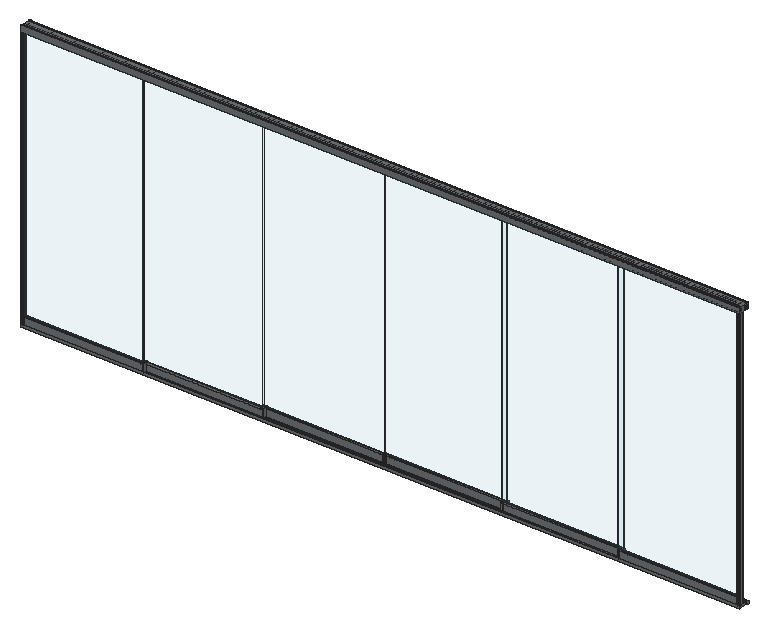
Revit family "Verano_V764_Olivera Centre closure_GM_R21", category Generic Models, Revit 2021
Family settings
  Can host rebar = No
  Round Connector Dimension = Use Diameter
  Part Type = Normal
  Work Plane-Based = No
  Always vertical = Yes
  Cut with Voids When Loaded = No
  Shared = No
  Room Calculation Point = No
Parameters (values of type "4 Track")
  Width [instance] = Overall Width Constraint  # 6000 mm
  Warning - Width [instance] = if(or(Width Input < Minimal Width, Width Input > Maximal Width), 1 = 1, 1 = 0)  # no
  Warning - Height [instance] = if(or([Height Input (1250 - 2250mm)] < Minimal Height, [Height Input (1250 - 2250mm)] > Maximal Height), 1 = 1, 1 = 0)  # no
  Vertical Profile Length [instance] = Overall Height Constraint - 46 mm  # 2204 mm
  URL = "www.verano.nl"
  Sliding Panel Height [instance] = Overall Height Constraint - 31 mm  # 2219 mm
  Segment Width Calc [instance] = ((Overall Width Constraint - 8.4 mm) + (Number of Panels - 2) * 36 mm) / Number of Panels  # 1022.6 mm
  STATE [instance] = 1
  SEMI-OPEN [instance] = STATE = 3  # no
  Panel Material = Glass
  Width Input [instance] = 6000 mm
  Panel 6 Visibility [instance] = Number of Panels = 6  # yes
  Panel 4 Visibility [instance] = Number of Panels = 4  # no
  Number of Panels [instance] = if(Overall Width Constraint < 4501 mm, 4, 6)  # 6
  Height Input (1250 - 2250mm) [instance] = 2250 mm
  Opening Percentage % = 50
  Opening Minimum = 0 mm  # constant formula
  Opening Maximum [instance] = Overall Width Constraint - Segment Width Calc  # 4977.4 mm
  Opening Percentage Constraint [instance] = if(OPEN, 0, if(CLOSED, 100, Opening Percentage %))  # 100
  Offset 4 [instance] = if(OPEN, Offset 1, if([SEMI-OPEN], Segment Width Calc * Opening Percentage Constraint / 100 * 3, (Segment Width Calc - 36 mm) * 3))  # 2959.8 mm
  Offset 3 [instance] = if(OPEN, Offset 1, if([SEMI-OPEN], Segment Width Calc * Opening Percentage Constraint / 100 * 2, (Segment Width Calc - 36 mm) * 2))  # 1973.2 mm
  Offset 2 [instance] = if(OPEN, Offset 1, if([SEMI-OPEN], Segment Width Calc * Opening Percentage Constraint / 100, Segment Width Calc - 36 mm))  # 986.6 mm
  Offset 1 [instance] = 4.2 mm  # constant formula
  OPEN [instance] = STATE = 2  # no
  Model = "V764 Olivera"
  Minimal Width = 3000 mm  # constant formula
  Minimal Height = 1250 mm  # constant formula
  Maximal Width = 6000 mm  # constant formula
  Maximal Height = 2250 mm  # constant formula
  Manufacturer = "Verano Systems"
  Height [instance] = Overall Height Constraint  # 2250 mm
  Frame Material = V_Antracite
  End Profile 6 Visibility [instance] = Number of Panels = 6  # yes
  End Profile 5 Visibility [instance] = Number of Panels = 5  # no
  End Profile 4 Visibility [instance] = Number of Panels = 4  # no
  End Profile 3 Visibility [instance] = Number of Panels = 3  # no
  Description = "The Olivera is a sliding glass wall with 8 mm or 10 mm of tempered glass. The glass panels are positioned on a smooth running, anodised rail and are equipped with a transport function. The Olivera can be used with all Verano® patio awnings and various other existing situations."
  CLOSED [instance] = STATE = 1  # yes
  Overall Width Constraint [instance] = if(Width Input < Minimal Width, Minimal Width, if(Width Input > Maximal Width, Maximal Width, Width Input))  # 6000 mm
  Overall Height Constraint [instance] = if([Height Input (1250 - 2250mm)] < Minimal Height, Minimal Height, if([Height Input (1250 - 2250mm)] > Maximal Height, Maximal Height, [Height Input (1250 - 2250mm)]))  # 2250 mm
  Default Elevation = 0 mm
Reference planes
  plane 1 "Center (Front/Back)": y = 0
  plane 2: z = 0
  plane 3 "Center (Left/Right)": x = 0
  plane 4: x = 3000
  plane 5: x = -3000
  plane 6: z = 2250
  plane 7: y = 15
  plane 8: y = 34
  plane 9: y = 53
  plane 10: y = 72
  plane 11: y = 91
  plane 12: y = 110
  plane 13: x = -2995.8
  plane 14: x = -2009.2
  plane 15: x = -1022.6
  plane 16: x = 1022.6
  plane 17: x = 2009.2
  plane 18: x = 2995.8
Dimensions and locks
  equal spacing: plane 5, plane 3 "Center (Left/Right)", plane 4
  "Overall Width Constraint": plane 5 to plane 4
  "Overall Height Constraint": plane 6 to level
  "Offset 1": plane 5 to plane 13
  "Offset 2": plane 13 to plane 14
  "Offset 3": plane 13 to plane 15
  plane 14 to nested 6 = 36 mm
  plane 15 to nested 7 = 36 mm
  "Offset 2": plane 17 to plane 18
  "Offset 1": plane 18 to plane 4
  "Offset 3": plane 16 to plane 18
  aligned and locked: level to plane 2
  aligned and locked: plane 3 "Center (Left/Right)" to nested 2
  aligned and locked: nested 2 to plane 1 "Center (Front/Back)"
  aligned and locked: plane 3 "Center (Left/Right)" to nested 3
  aligned and locked: nested 3 to plane 1 "Center (Front/Back)"
  aligned and locked: plane 5 to nested 1
  aligned and locked: nested 1 to plane 7
  aligned and locked: nested 4 to plane 4
  aligned and locked: nested 4 to plane 9
  aligned and locked: nested 5 to plane 10
  aligned and locked: nested 5 to plane 4
  aligned and locked: plane 13 to nested 6
  aligned and locked: nested 6 to plane 7
  aligned and locked: plane 14 to nested 7
  aligned and locked: nested 7 to plane 8
  aligned and locked: plane 15 to nested 8
  aligned and locked: nested 8 to plane 9
  aligned and locked: nested 12 to plane 8
  aligned and locked: nested 12 to plane 4
  aligned and locked: plane 7 to nested 9
  aligned and locked: nested 11 to plane 8
  aligned and locked: nested 10 to plane 9
  aligned and locked: nested 13 to plane 7
  aligned and locked: nested 13 to plane 4
  aligned and locked: nested 11 to plane 17  (x2)
  aligned and locked: plane 18 to nested 9
  aligned and locked: nested 10 to plane 16  (x2)
Nested families
  nested 1: "Vertical Profile" at (-3000, 15, 0), type "Vertical Profile"
    with Length 2204 mm
  nested 2: "Top Guides" at (0, 0, 2250), built-in parameter 1001360 <- "Overall Height Constraint", type "Top Guides"
    with Length 6000 mm, 6 no, 5 no, 3 no
  nested 3: "Bottom Guides" at (0, 0, 0), type "Bottom Guides"
    with Length 6000 mm, 6 no, 4 yes
  nested 4: "Vertical Profile" at (3000, 53, 0) x (-1, 0, 0) z (0, 0, 1), type "Vertical Profile", not visible
    with Length 2204 mm
  nested 5: "Vertical Profile" at (3000, 72, 0) x (-1, 0, 0) z (0, 0, 1), type "Vertical Profile", not visible
    with Length 2204 mm
  nested 6: "Sliding Panel" at (-2484.5, 15, 0), type "Sliding Panel"
    with Width 1022.6 mm, Horizontal Profile Length 996.6 mm, Height 2250 mm, Glass Width 1016.6 mm, Glass Height 2218 mm
  nested 7: "Sliding Panel" at (-1497.9, 34, 0), type "Sliding Panel"
    with Width 1022.6 mm, Horizontal Profile Length 996.6 mm, Height 2250 mm, Glass Width 1016.6 mm, Glass Height 2218 mm
  nested 8: "Sliding Panel" at (-511.3, 53, 0), visible <- "Panel 6 Visibility", type "Sliding Panel"
    with Width 1022.6 mm, Horizontal Profile Length 996.6 mm, Height 2250 mm, Glass Width 1016.6 mm, Glass Height 2218 mm
  nested 9: "Sliding Panel" at (2484.5, 15, 0), type "Sliding Panel"
    with Width 1022.6 mm, Horizontal Profile Length 996.6 mm, Height 2250 mm, Glass Width 1016.6 mm, Glass Height 2218 mm
  nested 10: "Sliding Panel" at (511.3, 53, 0), visible <- "Panel 6 Visibility", type "Sliding Panel"
    with Width 1022.6 mm, Horizontal Profile Length 996.6 mm, Height 2250 mm, Glass Width 1016.6 mm, Glass Height 2218 mm
  nested 11: "Sliding Panel" at (1497.9, 34, 0), type "Sliding Panel"
    with Width 1022.6 mm, Horizontal Profile Length 996.6 mm, Height 2250 mm, Glass Width 1016.6 mm, Glass Height 2218 mm
  nested 12: "Vertical Profile" at (3000, 34, 0) x (-1, 0, 0) z (0, 0, 1), type "Vertical Profile", not visible
    with Length 2204 mm
  nested 13: "Vertical Profile" at (3000, 15, 0) x (-1, 0, 0) z (0, 0, 1), type "Vertical Profile"
    with Length 2204 mm
Definition of nested family "Vertical Profile"
  Parameters (values of type "Vertical Profile")
    Length = 1000 mm
    Frame Material = none
    Default Elevation = 0 mm
  Reference planes
    plane 1 "Center (Front/Back)": y = 0
    plane 2: z = 0
    plane 3 "Center (Left/Right)": x = 0
  Forms (mm)
    Extrusion 1, solid, material <- "Frame Material"
      sketch origin (0, 0, 0) x (1, 0, 0) y (0, 1, 0)
        loop
          line (26, 12.501) -> (0, 12.501) -> (0, 11.351) -> (2.85, 11.351) -> (2.85, 8.851) -> (0, 6.001) -> (0, -5.999) -> (2.85, -8.849) -> (2.85, -11.349) -> (0, -11.349) -> (0, -12.499) -> (26, -12.499) -> (26, -11.049) -> (23, -9.049) -> (21.5, -9.049) -> (21.5, -10.049) -> (22.5, -10.049) -> (22.5, -11.349) -> (17, -11.349) -> (17, -10.049) -> (18, -10.049) -> (18, -9.049) -> (15.85, -9.049) -> (15.85, -11.349) -> (4, -11.349) -> (4, -8.373) -> (1.15, -5.523) -> (1.15, 5.524) -> (4, 8.374) -> (4, 11.351) -> (15.85, 11.351) -> (15.85, 9.051) -> (18, 9.051) -> (18, 10.051) -> (17, 10.051) -> (17, 11.351) -> (22.5, 11.351) -> (22.5, 10.051) -> (21.5, 10.051) -> (21.5, 9.051) -> (23, 9.051) -> (26, 11.051) -> (26, 12.501)
      from 17 to 1000 <- "Length"
  Dimensions and locks
    aligned and locked: level to plane 2
Definition of nested family "Top Guides"
  Parameters (values of type "Top Guides")
    Length = 2000 mm
    Frame Material = none
    Default Elevation = 0 mm
    6 = yes
    5 = yes
    4 = yes
    3 = yes
  Reference planes
    plane 1 "Center (Front/Back)": y = 0
    plane 2: z = 0
    plane 3 "Center (Left/Right)": x = 0
    plane 4: x = -1000
    plane 5: x = 1000
  Forms (mm)
    Extrusion 1, solid, material <- "Frame Material", visible <- "3"
      sketch origin (0, 0, 0) x (0, 1, 0) y (0, 0, 1)
        loop
          line (68.297, 0) -> (64.818, 0) -> (64.818, -1.5) -> (66.097, -1.5) -> (66.097, -7) -> (2.2, -7) -> (2.2, -1.5) -> (3.478, -1.5) -> (3.478, 0) -> (0, 0) -> (0, -46) -> (7.5, -46) -> (7.5, -43.9) -> (6.4, -43.9) -> (6.4, -44.9) -> (5.1, -44.9) -> (5.1, -43.9) -> (4, -43.9) -> (4, -44.9) -> (2.2, -44.9) -> (2.2, -39.65) -> (4, -39.65) -> (4, -40.65) -> (5.1, -40.65) -> (5.1, -39.65) -> (6.4, -39.65) -> (6.4, -40.65) -> (7.5, -40.65) -> (7.5, -38.55) -> (2.2, -38.55) -> (2.2, -9.5) -> (23.6, -9.5) -> (23.6, -32.2) -> (22.5, -32.2) -> (22.5, -40.65) -> (23.6, -40.65) -> (23.6, -39.65) -> (24.9, -39.65) -> (24.9, -44.9) -> (23.6, -44.9) -> (23.6, -43.9) -> (22.5, -43.9) -> (22.5, -46) -> (26, -46)
          arc (26, -46) -> (26.354, -45.854) -> (26.5, -45.5) r 0.5
          line (26.5, -45.5) -> (26.5, -37.55) -> (25.4, -37.55) -> (25.4, -38.55) -> (24.1, -38.55) -> (24.1, -33.3) -> (25.4, -33.3) -> (25.4, -34.3) -> (26.5, -34.3) -> (26.5, -32.2) -> (25.4, -32.2) -> (25.4, -9.5) -> (42.6, -9.5) -> (42.6, -32.2) -> (41.5, -32.2) -> (41.5, -40.65) -> (42.6, -40.65) -> (42.6, -39.65) -> (43.9, -39.65) -> (43.9, -44.9) -> (42.6, -44.9) -> (42.6, -43.9) -> (41.5, -43.9) -> (41.5, -46) -> (45.5, -46) -> (45.5, -37.55) -> (44.4, -37.55) -> (44.4, -38.55) -> (43.1, -38.55) -> (43.1, -33.3) -> (44.4, -33.3) -> (44.4, -34.3) -> (45.5, -34.3) -> (45.5, -32.2) -> (44.4, -32.2) -> (44.4, -9.5) -> (66.097, -9.5) -> (66.097, -38.55) -> (60.797, -38.55) -> (60.797, -40.65) -> (61.897, -40.65) -> (61.897, -39.65) -> (63.197, -39.65) -> (63.197, -40.65) -> (64.297, -40.65) -> (64.297, -39.65) -> (66.097, -39.65) -> (66.097, -44.9) -> (64.297, -44.9) -> (64.297, -43.9) -> (63.197, -43.9) -> (63.197, -44.9) -> (61.897, -44.9) -> (61.897, -43.9) -> (60.797, -43.9) -> (60.797, -46) -> (68.297, -46) -> (68.297, 0)
      from -1000 to 1000
    Extrusion 2, solid, material <- "Frame Material", visible <- "4"
      sketch origin (0, 0, 0) x (0, 1, 0) y (0, 0, 1)
        loop
          line (87, 0) -> (83.522, 0) -> (83.522, -1.5) -> (84.8, -1.5) -> (84.8, -7) -> (2.2, -7) -> (2.2, -1.5) -> (3.478, -1.5) -> (3.478, 0) -> (0, 0) -> (0, -46) -> (7.5, -46) -> (7.5, -43.9) -> (6.4, -43.9) -> (6.4, -44.9) -> (5.1, -44.9) -> (5.1, -43.9) -> (4, -43.9) -> (4, -44.9) -> (2.2, -44.9) -> (2.2, -39.65) -> (4, -39.65) -> (4, -40.65) -> (5.1, -40.65) -> (5.1, -39.65) -> (6.4, -39.65) -> (6.4, -40.65) -> (7.5, -40.65) -> (7.5, -38.55) -> (2.2, -38.55) -> (2.2, -9.5) -> (23.6, -9.5) -> (23.6, -32.2) -> (22.5, -32.2) -> (22.5, -40.65) -> (23.6, -40.65) -> (23.6, -39.65) -> (24.9, -39.65) -> (24.9, -44.9) -> (23.6, -44.9) -> (23.6, -43.9) -> (22.5, -43.9) -> (22.5, -46) -> (26, -46)
          arc (26, -46) -> (26.354, -45.854) -> (26.5, -45.5) r 0.5
          line (26.5, -45.5) -> (26.5, -37.55) -> (25.4, -37.55) -> (25.4, -38.55) -> (24.1, -38.55) -> (24.1, -33.3) -> (25.4, -33.3) -> (25.4, -34.3) -> (26.5, -34.3) -> (26.5, -32.2) -> (25.4, -32.2) -> (25.4, -9.5) -> (42.6, -9.5) -> (42.6, -32.2) -> (41.5, -32.2) -> (41.5, -40.65) -> (42.6, -40.65) -> (42.6, -39.65) -> (43.9, -39.65) -> (43.9, -44.9) -> (42.6, -44.9) -> (42.6, -43.9) -> (41.5, -43.9) -> (41.5, -46) -> (45.5, -46) -> (45.5, -37.55) -> (44.4, -37.55) -> (44.4, -38.55) -> (43.1, -38.55) -> (43.1, -33.3) -> (44.4, -33.3) -> (44.4, -34.3) -> (45.5, -34.3) -> (45.5, -32.2) -> (44.4, -32.2) -> (44.4, -9.5) -> (61.6, -9.5) -> (61.6, -32.2) -> (60.5, -32.2) -> (60.5, -40.65) -> (61.6, -40.65) -> (61.6, -39.65) -> (62.9, -39.65) -> (62.9, -44.9) -> (61.6, -44.9) -> (61.6, -43.9) -> (60.5, -43.9) -> (60.5, -46) -> (64.5, -46) -> (64.5, -37.55) -> (63.4, -37.55) -> (63.4, -38.55) -> (62.1, -38.55) -> (62.1, -33.3) -> (63.4, -33.3) -> (63.4, -34.3) -> (64.5, -34.3) -> (64.5, -32.2) -> (63.4, -32.2) -> (63.4, -9.5) -> (84.8, -9.5) -> (84.8, -38.55) -> (79.5, -38.55) -> (79.5, -40.65) -> (80.6, -40.65) -> (80.6, -39.65) -> (81.9, -39.65) -> (81.9, -40.65) -> (83, -40.65) -> (83, -39.65) -> (84.8, -39.65) -> (84.8, -44.9) -> (83, -44.9) -> (83, -43.9) -> (81.9, -43.9) -> (81.9, -44.9) -> (80.6, -44.9) -> (80.6, -43.9) -> (79.5, -43.9) -> (79.5, -46) -> (87, -46) -> (87, 0)
      from -1000 to 1000
    Extrusion 3, solid, material <- "Frame Material", visible <- "5"
      sketch origin (0, 0, 0) x (0, 1, 0) y (0, 0, 1)
        loop
          line (106.297, 0) -> (102.818, 0) -> (102.818, -1.5) -> (104.097, -1.5) -> (104.097, -7) -> (2.2, -7) -> (2.2, -1.5) -> (3.478, -1.5) -> (3.478, 0) -> (0, 0) -> (0, -46) -> (7.5, -46) -> (7.5, -43.9) -> (6.4, -43.9) -> (6.4, -44.9) -> (5.1, -44.9) -> (5.1, -43.9) -> (4, -43.9) -> (4, -44.9) -> (2.2, -44.9) -> (2.2, -39.65) -> (4, -39.65) -> (4, -40.65) -> (5.1, -40.65) -> (5.1, -39.65) -> (6.4, -39.65) -> (6.4, -40.65) -> (7.5, -40.65) -> (7.5, -38.55) -> (2.2, -38.55) -> (2.2, -9.5) -> (23.6, -9.5) -> (23.6, -32.2) -> (22.5, -32.2) -> (22.5, -40.65) -> (23.6, -40.65) -> (23.6, -39.65) -> (24.9, -39.65) -> (24.9, -44.9) -> (23.6, -44.9) -> (23.6, -43.9) -> (22.5, -43.9) -> (22.5, -46) -> (26, -46)
          arc (26, -46) -> (26.354, -45.854) -> (26.5, -45.5) r 0.5
          line (26.5, -45.5) -> (26.5, -37.55) -> (25.4, -37.55) -> (25.4, -38.55) -> (24.1, -38.55) -> (24.1, -33.3) -> (25.4, -33.3) -> (25.4, -34.3) -> (26.5, -34.3) -> (26.5, -32.2) -> (25.4, -32.2) -> (25.4, -9.5) -> (42.6, -9.5) -> (42.6, -32.2) -> (41.5, -32.2) -> (41.5, -40.65) -> (42.6, -40.65) -> (42.6, -39.65) -> (43.9, -39.65) -> (43.9, -44.9) -> (42.6, -44.9) -> (42.6, -43.9) -> (41.5, -43.9) -> (41.5, -46) -> (45.5, -46) -> (45.5, -37.55) -> (44.4, -37.55) -> (44.4, -38.55) -> (43.1, -38.55) -> (43.1, -33.3) -> (44.4, -33.3) -> (44.4, -34.3) -> (45.5, -34.3) -> (45.5, -32.2) -> (44.4, -32.2) -> (44.4, -9.5) -> (61.6, -9.5) -> (61.6, -32.2) -> (60.5, -32.2) -> (60.5, -40.65) -> (61.6, -40.65) -> (61.6, -39.65) -> (62.9, -39.65) -> (62.9, -44.9) -> (61.6, -44.9) -> (61.6, -43.9) -> (60.5, -43.9) -> (60.5, -46) -> (64.5, -46) -> (64.5, -37.55) -> (63.4, -37.55) -> (63.4, -38.55) -> (62.1, -38.55) -> (62.1, -33.3) -> (63.4, -33.3) -> (63.4, -34.3) -> (64.5, -34.3) -> (64.5, -32.2) -> (63.4, -32.2) -> (63.4, -9.5) -> (80.6, -9.5) -> (80.6, -32.2) -> (79.5, -32.2) -> (79.5, -40.65) -> (80.6, -40.65) -> (80.6, -39.65) -> (81.9, -39.65) -> (81.9, -44.9) -> (80.6, -44.9) -> (80.6, -43.9) -> (79.5, -43.9) -> (79.5, -46) -> (83.5, -46) -> (83.5, -37.55) -> (82.4, -37.55) -> (82.4, -38.55) -> (81.1, -38.55) -> (81.1, -33.3) -> (82.4, -33.3) -> (82.4, -34.3) -> (83.5, -34.3) -> (83.5, -32.2) -> (82.4, -32.2) -> (82.4, -9.5) -> (104.097, -9.5) -> (104.097, -38.55) -> (98.797, -38.55) -> (98.797, -40.65) -> (99.897, -40.65) -> (99.897, -39.65) -> (101.197, -39.65) -> (101.197, -40.65) -> (102.297, -40.65) -> (102.297, -39.65) -> (104.097, -39.65) -> (104.097, -44.9) -> (102.297, -44.9) -> (102.297, -43.9) -> (101.197, -43.9) -> (101.197, -44.9) -> (99.897, -44.9) -> (99.897, -43.9) -> (98.797, -43.9) -> (98.797, -46) -> (106.297, -46) -> (106.297, 0)
      from -1000 to 1000
    Extrusion 4, solid, material <- "Frame Material", visible <- "6"
      sketch origin (0, 0, 0) x (0, 1, 0) y (0, 0, 1)
        loop
          line (123.097, -9.5) -> (123.097, -38.55) -> (117.797, -38.55) -> (117.797, -40.65) -> (118.897, -40.65) -> (118.897, -39.65) -> (120.197, -39.65) -> (120.197, -40.65) -> (121.297, -40.65) -> (121.297, -39.65) -> (123.097, -39.65) -> (123.097, -44.9) -> (121.297, -44.9) -> (121.297, -43.9) -> (120.197, -43.9) -> (120.197, -44.9) -> (118.897, -44.9) -> (118.897, -43.9) -> (117.797, -43.9) -> (117.797, -46) -> (125.297, -46) -> (125.297, 0) -> (121.818, 0) -> (121.818, -1.5) -> (123.097, -1.5) -> (123.097, -7) -> (2.2, -7) -> (2.2, -1.5) -> (3.478, -1.5) -> (3.478, 0) -> (0, 0) -> (0, -46) -> (7.5, -46) -> (7.5, -43.9) -> (6.4, -43.9) -> (6.4, -44.9) -> (5.1, -44.9) -> (5.1, -43.9) -> (4, -43.9) -> (4, -44.9) -> (2.2, -44.9) -> (2.2, -39.65) -> (4, -39.65) -> (4, -40.65) -> (5.1, -40.65) -> (5.1, -39.65) -> (6.4, -39.65) -> (6.4, -40.65) -> (7.5, -40.65) -> (7.5, -38.55) -> (2.2, -38.55) -> (2.2, -9.5) -> (23.6, -9.5) -> (23.6, -32.2) -> (22.5, -32.2) -> (22.5, -40.65) -> (23.6, -40.65) -> (23.6, -39.65) -> (24.9, -39.65) -> (24.9, -44.9) -> (23.6, -44.9) -> (23.6, -43.9) -> (22.5, -43.9) -> (22.5, -46) -> (26, -46)
          arc (26, -46) -> (26.354, -45.854) -> (26.5, -45.5) r 0.5
          line (26.5, -45.5) -> (26.5, -37.55) -> (25.4, -37.55) -> (25.4, -38.55) -> (24.1, -38.55) -> (24.1, -33.3) -> (25.4, -33.3) -> (25.4, -34.3) -> (26.5, -34.3) -> (26.5, -32.2) -> (25.4, -32.2) -> (25.4, -9.5) -> (42.6, -9.5) -> (42.6, -32.2) -> (41.5, -32.2) -> (41.5, -40.65) -> (42.6, -40.65) -> (42.6, -39.65) -> (43.9, -39.65) -> (43.9, -44.9) -> (42.6, -44.9) -> (42.6, -43.9) -> (41.5, -43.9) -> (41.5, -46) -> (45.5, -46) -> (45.5, -37.55) -> (44.4, -37.55) -> (44.4, -38.55) -> (43.1, -38.55) -> (43.1, -33.3) -> (44.4, -33.3) -> (44.4, -34.3) -> (45.5, -34.3) -> (45.5, -32.2) -> (44.4, -32.2) -> (44.4, -9.5) -> (61.6, -9.5) -> (61.6, -32.2) -> (60.5, -32.2) -> (60.5, -40.65) -> (61.6, -40.65) -> (61.6, -39.65) -> (62.9, -39.65) -> (62.9, -44.9) -> (61.6, -44.9) -> (61.6, -43.9) -> (60.5, -43.9) -> (60.5, -46) -> (64.5, -46) -> (64.5, -37.55) -> (63.4, -37.55) -> (63.4, -38.55) -> (62.1, -38.55) -> (62.1, -33.3) -> (63.4, -33.3) -> (63.4, -34.3) -> (64.5, -34.3) -> (64.5, -32.2) -> (63.4, -32.2) -> (63.4, -9.5) -> (80.6, -9.5) -> (80.6, -32.2) -> (79.5, -32.2) -> (79.5, -40.65) -> (80.6, -40.65) -> (80.6, -39.65) -> (81.9, -39.65) -> (81.9, -44.9) -> (80.6, -44.9) -> (80.6, -43.9) -> (79.5, -43.9) -> (79.5, -46) -> (83.5, -46) -> (83.5, -37.55) -> (82.4, -37.55) -> (82.4, -38.55) -> (81.1, -38.55) -> (81.1, -33.3) -> (82.4, -33.3) -> (82.4, -34.3) -> (83.5, -34.3) -> (83.5, -32.2) -> (82.4, -32.2) -> (82.4, -9.5) -> (99.6, -9.5) -> (99.6, -32.2) -> (98.5, -32.2) -> (98.5, -40.65) -> (99.6, -40.65) -> (99.6, -39.65) -> (100.9, -39.65) -> (100.9, -44.9) -> (99.6, -44.9) -> (99.6, -43.9) -> (98.5, -43.9) -> (98.5, -46) -> (102.5, -46) -> (102.5, -37.55) -> (101.4, -37.55) -> (101.4, -38.55) -> (100.1, -38.55) -> (100.1, -33.3) -> (101.4, -33.3) -> (101.4, -34.3) -> (102.5, -34.3) -> (102.5, -32.2) -> (101.4, -32.2) -> (101.4, -9.5) -> (123.097, -9.5)
      from -1000 to 1000
  Dimensions and locks
    equal spacing: plane 4, plane 3 "Center (Left/Right)", plane 5
    "Length": plane 4 to plane 5
    aligned and locked: level to plane 2
    aligned and locked: plane 5 to Extrusion 1
    aligned and locked: Extrusion 1 to plane 4
    aligned and locked: Extrusion 2 to plane 4
    aligned and locked: plane 5 to Extrusion 2
    aligned and locked: Extrusion 3 to plane 4
    aligned and locked: plane 5 to Extrusion 3
    aligned and locked: Extrusion 4 to plane 4
    aligned and locked: plane 5 to Extrusion 4
  Automatic sketch dimensions
    Extrusion 1 sketch curve to level = 0 mm  (x2)
    Extrusion 1 sketch curve to plane 1 "Center (Front/Back)" = 0 mm  (x2)
    Extrusion 1 sketch curve to plane 1 "Center (Front/Back)" = 2.2 mm  (x5)
    Extrusion 1 sketch curve to Extrusion 1 sketch curve = 0 mm  (x20)
    Extrusion 1 sketch curve to level = 1.5 mm
    Extrusion 1 sketch curve to Extrusion 1 sketch curve = 1.278 mm  (x3)
    Extrusion 1 sketch curve to Extrusion 1 sketch curve = 1.8 mm  (x5)
    Extrusion 1 sketch curve to Extrusion 1 sketch curve = 1.1 mm  (x30)
    Extrusion 1 sketch curve to Extrusion 1 sketch curve = 1.3 mm  (x9)
    Extrusion 1 sketch curve to Extrusion 1 sketch curve = 15 mm  (x2)
    Extrusion 1 sketch curve to level = 9.5 mm  (x2)
    Extrusion 1 sketch curve to Extrusion 1 sketch curve = 21.4 mm
    Extrusion 1 sketch curve to Extrusion 1 sketch curve = 0.5 mm  (x4)
    Extrusion 1 sketch curve to Extrusion 1 sketch curve = 1.6 mm
    Extrusion 1 sketch curve to Extrusion 1 sketch curve = 15.297 mm
    Extrusion 1 sketch curve to Extrusion 1 sketch curve = 20.418 mm
    Extrusion 1 sketch curve to level = 7 mm
    level to Extrusion 1 sketch curve = 0 mm
    Extrusion 1 sketch curve to Extrusion 1 sketch curve = 2.2 mm  (x2)
    Extrusion 1 sketch curve to Extrusion 1 sketch curve = 22.7 mm
    Extrusion 1 sketch curve to Extrusion 1 sketch curve = 1 mm  (x17)
    Extrusion 1 sketch curve to Extrusion 1 sketch curve = 3.25 mm  (x6)
    Extrusion 1 sketch curve to Extrusion 1 sketch curve = 6.35 mm
    Extrusion 1 sketch curve to Extrusion 1 sketch curve = 0.6 mm
    Extrusion 1 sketch curve to Extrusion 1 sketch curve = 2.5 mm
    Extrusion 1 sketch curve to Extrusion 1 sketch curve = 1.5 mm
    Extrusion 2 sketch curve to plane 1 "Center (Front/Back)" = 0 mm
    Extrusion 2 sketch curve to plane 1 "Center (Front/Back)" = 2.2 mm  (x5)
    Extrusion 2 sketch curve to Extrusion 2 sketch curve = 0 mm  (x21)
    Extrusion 2 sketch curve to level = 1.5 mm  (x2)
    Extrusion 2 sketch curve to Extrusion 2 sketch curve = 1.278 mm  (x3)
    Extrusion 2 sketch curve to level = 0 mm  (x3)
    Extrusion 2 sketch curve to Extrusion 2 sketch curve = 1.8 mm  (x6)
    Extrusion 2 sketch curve to Extrusion 2 sketch curve = 1.1 mm  (x40)
    Extrusion 2 sketch curve to Extrusion 2 sketch curve = 1.3 mm  (x13)
    Extrusion 2 sketch curve to Extrusion 2 sketch curve = 15 mm  (x4)
    Extrusion 2 sketch curve to level = 9.5 mm  (x4)
    Extrusion 2 sketch curve to Extrusion 2 sketch curve = 21.4 mm
    Extrusion 2 sketch curve to Extrusion 2 sketch curve = 0.5 mm  (x5)
    Extrusion 2 sketch curve to Extrusion 2 sketch curve = 1.6 mm  (x2)
    Extrusion 2 sketch curve to Extrusion 2 sketch curve = 17.2 mm
    Extrusion 2 sketch curve to level = 38.55 mm
    Extrusion 2 sketch curve to level = 39.65 mm  (x2)
    Extrusion 2 sketch curve to Extrusion 2 sketch curve = 20.122 mm
    Extrusion 2 sketch curve to level = 7 mm
    Extrusion 2 sketch curve to Extrusion 2 sketch curve = 2.2 mm  (x2)
    Extrusion 2 sketch curve to Extrusion 2 sketch curve = 31.15 mm
    Extrusion 2 sketch curve to Extrusion 2 sketch curve = 1 mm  (x20)
    Extrusion 2 sketch curve to Extrusion 2 sketch curve = 3.25 mm  (x8)
    Extrusion 2 sketch curve to Extrusion 2 sketch curve = 0.6 mm
    Extrusion 2 sketch curve to Extrusion 2 sketch curve = 8 mm
    Extrusion 2 sketch curve to Extrusion 2 sketch curve = 2.5 mm
    Extrusion 3 sketch curve to plane 1 "Center (Front/Back)" = 0 mm
    Extrusion 3 sketch curve to plane 1 "Center (Front/Back)" = 2.2 mm  (x5)
    Extrusion 3 sketch curve to Extrusion 3 sketch curve = 0 mm  (x25)
    Extrusion 3 sketch curve to level = 1.5 mm  (x2)
    Extrusion 3 sketch curve to Extrusion 3 sketch curve = 1.278 mm  (x3)
    Extrusion 3 sketch curve to level = 0 mm  (x3)
    Extrusion 3 sketch curve to Extrusion 3 sketch curve = 1.8 mm  (x7)
    Extrusion 3 sketch curve to Extrusion 3 sketch curve = 1.1 mm  (x47)
    Extrusion 3 sketch curve to Extrusion 3 sketch curve = 1.3 mm  (x12)
    Extrusion 3 sketch curve to Extrusion 3 sketch curve = 15 mm  (x4)
    Extrusion 3 sketch curve to level = 9.5 mm  (x6)
    Extrusion 3 sketch curve to Extrusion 3 sketch curve = 21.4 mm
    Extrusion 3 sketch curve to Extrusion 3 sketch curve = 0.5 mm  (x9)
    Extrusion 3 sketch curve to Extrusion 3 sketch curve = 1.6 mm  (x3)
    Extrusion 3 sketch curve to Extrusion 3 sketch curve = 17.2 mm  (x2)
    Extrusion 3 sketch curve to level = 39.65 mm  (x2)
    Extrusion 3 sketch curve to level = 32.2 mm
    Extrusion 3 sketch curve to level = 38.55 mm  (x2)
    Extrusion 3 sketch curve to level = 37.55 mm
    Extrusion 3 sketch curve to Extrusion 3 sketch curve = 15.297 mm
    Extrusion 3 sketch curve to Extrusion 3 sketch curve = 20.418 mm
    Extrusion 3 sketch curve to level = 44.9 mm
    Extrusion 3 sketch curve to level = 7 mm
    Extrusion 3 sketch curve to Extrusion 3 sketch curve = 2.2 mm  (x2)
    Extrusion 3 sketch curve to level = 46 mm
    Extrusion 3 sketch curve to Extrusion 3 sketch curve = 6.35 mm
    Extrusion 3 sketch curve to Extrusion 3 sketch curve = 1 mm  (x23)
    Extrusion 3 sketch curve to Extrusion 3 sketch curve = 3.25 mm  (x7)
    Extrusion 3 sketch curve to Extrusion 3 sketch curve = 2.1 mm
    Extrusion 3 sketch curve to Extrusion 3 sketch curve = 2.5 mm  (x2)
    Extrusion 3 sketch curve to Extrusion 3 sketch curve = 8 mm
    Extrusion 4 sketch curve to plane 1 "Center (Front/Back)" = 0 mm
    Extrusion 4 sketch curve to plane 1 "Center (Front/Back)" = 2.2 mm  (x5)
    Extrusion 4 sketch curve to Extrusion 4 sketch curve = 0 mm  (x27)
    Extrusion 4 sketch curve to Extrusion 4 sketch curve = 1.278 mm  (x3)
    Extrusion 4 sketch curve to level = 0 mm  (x3)
    Extrusion 4 sketch curve to Extrusion 4 sketch curve = 1.8 mm  (x8)
    Extrusion 4 sketch curve to Extrusion 4 sketch curve = 1.1 mm  (x51)
    Extrusion 4 sketch curve to Extrusion 4 sketch curve = 1.3 mm  (x16)
    Extrusion 4 sketch curve to Extrusion 4 sketch curve = 15 mm  (x5)
    Extrusion 4 sketch curve to level = 9.5 mm  (x8)
    Extrusion 4 sketch curve to Extrusion 4 sketch curve = 21.4 mm
    Extrusion 4 sketch curve to Extrusion 4 sketch curve = 0.5 mm  (x9)
    Extrusion 4 sketch curve to Extrusion 4 sketch curve = 1.6 mm  (x4)
    Extrusion 4 sketch curve to Extrusion 4 sketch curve = 17.2 mm  (x3)
    Extrusion 4 sketch curve to level = 39.65 mm  (x3)
    Extrusion 4 sketch curve to level = 32.2 mm  (x4)
    Extrusion 4 sketch curve to level = 38.55 mm  (x3)
    Extrusion 4 sketch curve to level = 37.55 mm
    Extrusion 4 sketch curve to Extrusion 4 sketch curve = 15.297 mm
    Extrusion 4 sketch curve to level = 40.65 mm  (x2)
    Extrusion 4 sketch curve to level = 46 mm
    Extrusion 4 sketch curve to level = 44.9 mm
    Extrusion 4 sketch curve to Extrusion 4 sketch curve = 20.418 mm
    Extrusion 4 sketch curve to Extrusion 4 sketch curve = 2.2 mm  (x2)
    Extrusion 4 sketch curve to Extrusion 4 sketch curve = 6.35 mm  (x3)
    Extrusion 4 sketch curve to Extrusion 4 sketch curve = 0.6 mm
    Extrusion 4 sketch curve to Extrusion 4 sketch curve = 1 mm  (x26)
    Extrusion 4 sketch curve to Extrusion 4 sketch curve = 3.25 mm  (x7)
    Extrusion 4 sketch curve to Extrusion 4 sketch curve = 2.1 mm  (x2)
    Extrusion 4 sketch curve to Extrusion 4 sketch curve = 2.5 mm  (x2)
    Extrusion 4 sketch curve to level = 1.5 mm
    Extrusion 4 sketch curve to Extrusion 4 sketch curve = 1.5 mm
Definition of nested family "Bottom Guides"
  Parameters (values of type "Bottom Guides")
    Length = 5500 mm
    Frame Material = none
    Default Elevation = 0 mm
    6 = yes
    5 = no
    4 = no
    3 = no
  Reference planes
    plane 1 "Center (Front/Back)": y = 0
    plane 2: z = 0
    plane 3 "Center (Left/Right)": x = 0
    plane 4: x = -2750
    plane 5: x = 2750
  Forms (mm)
    Extrusion 1, solid, material <- "Frame Material", visible <- "4"
      sketch origin (0, 0, 0) x (0, 1, 0) y (0, 0, 1)
        loop
          line (82.75, 2) -> (84.75, 0) -> (87.297, 0) -> (87.297, 17) -> (85, 17) -> (85, 8.5) -> (73.25, 8.5) -> (73.25, 16.75) -> (74.5, 16.75) -> (74.5, 18.658)
          arc (74.5, 18.658) -> (72, 20) -> (69.5, 18.658) r 3
          line (69.5, 18.658) -> (69.5, 16.75) -> (70.75, 16.75) -> (70.75, 8.5) -> (54.25, 8.5) -> (54.25, 16.75) -> (55.5, 16.75) -> (55.5, 18.658)
          arc (55.5, 18.658) -> (53, 20) -> (50.5, 18.658) r 3
          line (50.5, 18.658) -> (50.5, 16.75) -> (51.75, 16.75) -> (51.75, 8.5) -> (35.25, 8.5) -> (35.25, 16.75) -> (36.5, 16.75) -> (36.5, 18.658)
          arc (36.5, 18.658) -> (34, 20) -> (31.5, 18.658) r 3
          line (31.5, 18.658) -> (31.5, 16.75) -> (32.75, 16.75) -> (32.75, 8.5) -> (16.25, 8.5) -> (16.25, 16.75) -> (17.5, 16.75) -> (17.5, 18.658)
          arc (17.5, 18.658) -> (15, 20) -> (12.5, 18.658) r 3
          line (12.5, 18.658) -> (12.5, 16.75) -> (13.75, 16.75) -> (13.75, 8.5) -> (2, 8.5) -> (2, 17) -> (0, 17) -> (0, 0) -> (2.25, 0) -> (4.194, 1.944) -> (2, 1.944) -> (2, 6) -> (85, 6) -> (85, 2) -> (82.75, 2)
      from -2750 to 2750
    Extrusion 2, solid, material <- "Frame Material", visible <- "6"
      sketch origin (0, 0, 0) x (0, 1, 0) y (0, 0, 1)
        loop
          line (120.75, 2) -> (122.75, 0) -> (125.297, 0) -> (125.297, 17) -> (123, 17) -> (123, 8.5) -> (111.25, 8.5) -> (111.25, 16.75) -> (112.5, 16.75) -> (112.5, 18.658)
          arc (112.5, 18.658) -> (110, 20) -> (107.5, 18.658) r 3
          line (107.5, 18.658) -> (107.5, 16.75) -> (108.75, 16.75) -> (108.75, 8.5) -> (92.25, 8.5) -> (92.25, 16.75) -> (93.5, 16.75) -> (93.5, 18.658)
          arc (93.5, 18.658) -> (91, 20) -> (88.5, 18.658) r 3
          line (88.5, 18.658) -> (88.5, 16.75) -> (89.75, 16.75) -> (89.75, 8.5) -> (73.25, 8.5) -> (73.25, 16.75) -> (74.5, 16.75) -> (74.5, 18.658)
          arc (74.5, 18.658) -> (72, 20) -> (69.5, 18.658) r 3
          line (69.5, 18.658) -> (69.5, 16.75) -> (70.75, 16.75) -> (70.75, 8.5) -> (54.25, 8.5) -> (54.25, 16.75) -> (55.5, 16.75) -> (55.5, 18.658)
          arc (55.5, 18.658) -> (53, 20) -> (50.5, 18.658) r 3
          line (50.5, 18.658) -> (50.5, 16.75) -> (51.75, 16.75) -> (51.75, 8.5) -> (35.25, 8.5) -> (35.25, 16.75) -> (36.5, 16.75) -> (36.5, 18.658)
          arc (36.5, 18.658) -> (34, 20) -> (31.5, 18.658) r 3
          line (31.5, 18.658) -> (31.5, 16.75) -> (32.75, 16.75) -> (32.75, 8.5) -> (16.25, 8.5) -> (16.25, 16.75) -> (17.5, 16.75) -> (17.5, 18.658)
          arc (17.5, 18.658) -> (15, 20) -> (12.5, 18.658) r 3
          line (12.5, 18.658) -> (12.5, 16.75) -> (13.75, 16.75) -> (13.75, 8.5) -> (2, 8.5) -> (2, 17) -> (0, 17) -> (0, 0) -> (2.25, 0) -> (4.194, 1.944) -> (2, 1.944) -> (2, 6) -> (123, 6) -> (123, 2) -> (120.75, 2)
      from -2750 to 2750
  Dimensions and locks
    equal spacing: plane 4, plane 3 "Center (Left/Right)", plane 5
    "Length": plane 4 to plane 5
    aligned and locked: level to plane 2
    aligned and locked: Extrusion 1 to plane 4
    aligned and locked: Extrusion 2 to plane 4
    aligned and locked: plane 5 to Extrusion 2
    aligned and locked: plane 5 to Extrusion 1
  Automatic sketch dimensions
    Extrusion 1 sketch curve to plane 1 "Center (Front/Back)" = 0 mm
    Extrusion 1 sketch curve to level = 0 mm  (x2)
    Extrusion 1 sketch curve to plane 1 "Center (Front/Back)" = 2 mm  (x2)
    Extrusion 1 sketch curve to plane 1 "Center (Front/Back)" = 2.25 mm
    Extrusion 1 sketch curve to Extrusion 1 sketch curve = 10.5 mm  (x2)
    Extrusion 1 sketch curve to Extrusion 1 sketch curve = 1.25 mm  (x13)
    Extrusion 1 sketch curve to Extrusion 1 sketch curve = 2.5 mm  (x4)
    Extrusion 1 sketch curve to Extrusion 1 sketch curve = 14 mm  (x3)
    Extrusion 1 sketch curve to Extrusion 1 sketch curve = 11.5 mm
    Extrusion 1 sketch curve to Extrusion 1 sketch curve = 2.297 mm
    level to Extrusion 1 sketch curve = 8.5 mm  (x2)
    Extrusion 1 sketch curve to Extrusion 1 sketch curve = 0 mm  (x8)
    Extrusion 1 sketch curve to Extrusion 1 sketch curve = 8.25 mm  (x4)
    Extrusion 1 sketch curve to Extrusion 1 sketch curve = 0.25 mm  (x4)
    Extrusion 1 sketch curve to Extrusion 1 sketch curve = 8.5 mm  (x2)
    Extrusion 1 sketch curve to Extrusion 1 sketch curve = 1.908 mm  (x4)
    level to Extrusion 1 sketch curve = 1.944 mm
    Extrusion 1 sketch curve to Extrusion 1 sketch curve = 1.944 mm
    level to Extrusion 1 sketch curve = 2 mm
    Extrusion 1 sketch curve to Extrusion 1 sketch curve = 2 mm
    Extrusion 2 sketch curve to plane 1 "Center (Front/Back)" = 0 mm
    Extrusion 2 sketch curve to level = 0 mm  (x2)
    Extrusion 2 sketch curve to plane 1 "Center (Front/Back)" = 2 mm  (x2)
    Extrusion 2 sketch curve to plane 1 "Center (Front/Back)" = 2.25 mm
    Extrusion 2 sketch curve to Extrusion 2 sketch curve = 10.5 mm
    Extrusion 2 sketch curve to Extrusion 2 sketch curve = 1.25 mm  (x19)
    Extrusion 2 sketch curve to Extrusion 2 sketch curve = 2.5 mm  (x6)
    Extrusion 2 sketch curve to Extrusion 2 sketch curve = 14 mm  (x5)
    Extrusion 2 sketch curve to Extrusion 2 sketch curve = 11.5 mm
    Extrusion 2 sketch curve to Extrusion 2 sketch curve = 0.25 mm  (x7)
    Extrusion 2 sketch curve to Extrusion 2 sketch curve = 2.297 mm
    level to Extrusion 2 sketch curve = 8.5 mm  (x2)
    Extrusion 2 sketch curve to Extrusion 2 sketch curve = 0 mm  (x12)
    Extrusion 2 sketch curve to Extrusion 2 sketch curve = 8.25 mm  (x6)
    Extrusion 2 sketch curve to Extrusion 2 sketch curve = 8.5 mm  (x2)
    Extrusion 2 sketch curve to Extrusion 2 sketch curve = 1.908 mm  (x6)
    level to Extrusion 2 sketch curve = 1.944 mm
    Extrusion 2 sketch curve to Extrusion 2 sketch curve = 1.944 mm
    level to Extrusion 2 sketch curve = 2 mm
    Extrusion 2 sketch curve to Extrusion 2 sketch curve = 2 mm
Definition of nested family "Sliding Panel"
  Parameters (values of type "Sliding Panel")
    Width = 900 mm
    Panel Material = none
    Horizontal Profile Length = Width - 2 * 13 mm  # 874 mm
    Height = 2750 mm
    Glass Width = Width - 2 * 3 mm  # 894 mm
    Glass Height = Height - 32 mm  # 2718 mm
    Frame Material = none
    Default Elevation = 0 mm
  Reference planes
    plane 1 "Center (Front/Back)": y = 0
    plane 2: z = 0
    plane 3 "Center (Left/Right)": x = 0
    plane 4: x = -450
    plane 5: x = 450
    plane 6: x = -447
    plane 7: x = 447
    plane 8: z = 2750
  Forms (mm)
    Extrusion 1, solid, material <- "Panel Material"
      sketch origin (0, 0, 0) x (1, 0, 0) y (0, 1, 0)
        loop
          line (-447, 4) -> (-447, -4) -> (447, -4) -> (447, 4) -> (-447, 4)
      from 63 to 2718 <- "Glass Height"
  Dimensions and locks
    equal spacing: plane 4, plane 3 "Center (Left/Right)", plane 5
    "Width": plane 4 to plane 5
    locked: plane 4 to plane 6 at 3
    locked: plane 7 to plane 5 at 3
    "Height": plane 8 to level
    aligned and locked: level to plane 2
  Automatic sketch dimensions
    Extrusion 1 sketch curve to plane 6 = 0 mm
    Extrusion 1 sketch curve to plane 7 = 0 mm
    plane 1 "Center (Front/Back)" to Extrusion 1 sketch curve = 4 mm
    Extrusion 1 sketch curve to plane 1 "Center (Front/Back)" = 4 mm
  Nested families
    nested 1: "Horizontal profile" at (0, 0, 0), type "Horizontal profile"
      with Length 900 mm
  Definition of nested family "Horizontal profile"
    Parameters
      Length = 1026 mm
      Frame Material = none
      Default Elevation = 0 mm
    Reference planes
      plane 1 "Center (Front/Back)": y = 0
      plane 2: z = 0
      plane 3 "Center (Left/Right)": x = 0
      plane 4: x = 500
      plane 5: x = -500
      plane 6: x = 513
      plane 7: x = -513
    Forms (mm)
      Extrusion 1, solid, material <- "Frame Material"
        sketch origin (0, 0, 0) x (0, 1, 0) y (0, 0, 1)
          loop
            line (7.901, 13.462) -> (7.901, 71.47)
            arc (7.901, 71.47) -> (7.376, 76.482) -> (5.856, 81.286) r 25.001
            line (5.856, 81.286) -> (5, 81.286) -> (5, 61.462) -> (-5, 61.462) -> (-5, 81.286) -> (-5.804, 81.286)
            arc (-5.804, 81.286) -> (-7.323, 76.482) -> (-7.849, 71.471) r 25.001
            line (-7.849, 71.471) -> (-7.849, 13.462) -> (7.901, 13.462)
        from -500 to 500
      Extrusion 2, solid, material <- "Frame Material"
        sketch origin (0, 0, 0) x (0, 1, 0) y (0, 0, 1)
          loop
            line (-7.849, 13.462) -> (7.901, 13.462) -> (7.901, 71.47)
            arc (7.901, 71.47) -> (7.376, 76.482) -> (5.856, 81.286) r 25.001
            line (5.856, 81.286) -> (-5.804, 81.286)
            arc (-5.804, 81.286) -> (-7.323, 76.482) -> (-7.849, 71.471) r 25.001
            line (-7.849, 71.471) -> (-7.849, 13.462)
        from 500 to 513
      Extrusion 3, solid, material <- "Frame Material"
        sketch origin (0, 0, 0) x (0, 1, 0) y (0, 0, -1)
          loop
            line (-7.849, -13.462) -> (-7.849, -71.471)
            arc (-7.849, -71.471) -> (-7.323, -76.482) -> (-5.804, -81.286) r 25.001
            line (-5.804, -81.286) -> (5.856, -81.286)
            arc (5.856, -81.286) -> (7.376, -76.482) -> (7.901, -71.47) r 25.001
            line (7.901, -71.47) -> (7.901, -13.462) -> (-7.849, -13.462)
        from 500 to 513
    Dimensions and locks
      equal spacing: plane 5, plane 3 "Center (Left/Right)", plane 4
      locked: plane 7 to plane 5 at 13
      locked: plane 4 to plane 6 at 13
      "Length": plane 7 to plane 6
      aligned and locked: level to plane 2
      aligned and locked: Extrusion 1 to plane 5
      aligned and locked: plane 4 to Extrusion 1
      aligned and locked: Extrusion 2 to plane 4
      aligned and locked: plane 6 to Extrusion 2
      aligned and locked: plane 5 to Extrusion 3
      aligned and locked: Extrusion 3 to plane 7
    Automatic sketch dimensions
      plane 1 "Center (Front/Back)" to Extrusion 1 sketch curve = 17.1 mm
      plane 1 "Center (Front/Back)" to Extrusion 1 sketch curve = 7.849 mm
      plane 1 "Center (Front/Back)" to Extrusion 1 sketch curve = 5.804 mm
      plane 1 "Center (Front/Back)" to Extrusion 1 sketch curve = 5 mm
      Extrusion 1 sketch curve to plane 1 "Center (Front/Back)" = 5 mm
      Extrusion 1 sketch curve to Extrusion 1 sketch curve = 0.856 mm
      Extrusion 1 sketch curve to plane 1 "Center (Front/Back)" = 7.901 mm
      Extrusion 1 sketch curve to Extrusion 1 sketch curve = 9.251 mm
      level to Extrusion 1 sketch curve = 13.462 mm
      Extrusion 1 sketch curve to Extrusion 1 sketch curve = 48 mm
      Extrusion 1 sketch curve to Extrusion 1 sketch curve = 9.92 mm  (x2)
      Extrusion 1 sketch curve to Extrusion 1 sketch curve = 0.088 mm
      Extrusion 1 sketch curve to Extrusion 1 sketch curve = 0.089 mm
      plane 1 "Center (Front/Back)" to Extrusion 2 sketch curve = 17.1 mm
      plane 1 "Center (Front/Back)" to Extrusion 2 sketch curve = 7.849 mm
      plane 1 "Center (Front/Back)" to Extrusion 2 sketch curve = 5.804 mm
      Extrusion 2 sketch curve to plane 1 "Center (Front/Back)" = 5.856 mm
      Extrusion 2 sketch curve to plane 1 "Center (Front/Back)" = 7.901 mm
      Extrusion 2 sketch curve to Extrusion 2 sketch curve = 9.251 mm
      level to Extrusion 2 sketch curve = 13.462 mm
      Extrusion 2 sketch curve to Extrusion 2 sketch curve = 57.92 mm
      Extrusion 2 sketch curve to Extrusion 2 sketch curve = 0 mm
      Extrusion 2 sketch curve to Extrusion 2 sketch curve = 0.088 mm
      plane 1 "Center (Front/Back)" to Extrusion 3 sketch curve = 17.1 mm
      plane 1 "Center (Front/Back)" to Extrusion 3 sketch curve = 7.849 mm
      plane 1 "Center (Front/Back)" to Extrusion 3 sketch curve = 5.804 mm
      Extrusion 3 sketch curve to plane 1 "Center (Front/Back)" = 5.856 mm
      Extrusion 3 sketch curve to plane 1 "Center (Front/Back)" = 7.901 mm
      Extrusion 3 sketch curve to Extrusion 3 sketch curve = 9.251 mm
      level to Extrusion 3 sketch curve = 81.286 mm
      Extrusion 3 sketch curve to Extrusion 3 sketch curve = 9.815 mm
      Extrusion 3 sketch curve to Extrusion 3 sketch curve = 0.088 mm
      level to Extrusion 3 sketch curve = 13.462 mm
